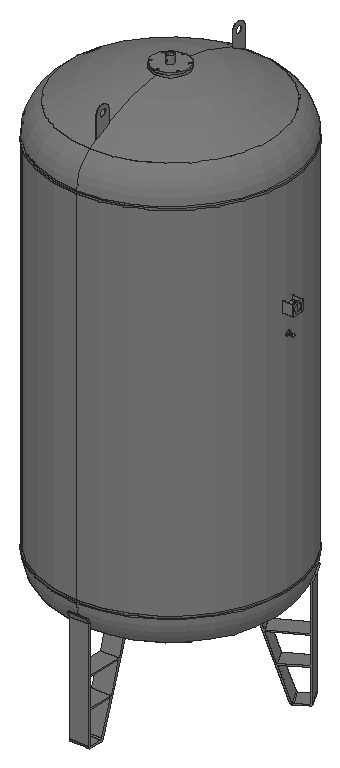
Revit family "MIT-6000-ET (Vertical)", category Specialty Equipment, Revit 2022
Family settings
  Round Connector Dimension = Use Diameter
  Part Type = Normal
  Work Plane-Based = No
  Always vertical = Yes
  Cut with Voids When Loaded = No
  Maintain Annotation Orientation = No
  Shared = No
  Room Calculation Point = No
Parameters
  URL = "https://en.ekinendustriyel.com/expansion-tanks"
  Test Pressure = 15.0 bar
  Production Standard = "TS EN 13831"
  Precharge Pressure = 4.0 bar
  Operating Pressure = 10.0 bar
  Model = "MIT-6000-ET_(Vertical)"
  Manufacturer = "Ekin Endüstriyel"
  Keynote = "Expension Tank"
  Description = "MIT-Expension Tank"
  Default Elevation = 0 mm
Reference planes
  plane 1 "Center (Front/Back)": y = 0
  plane 2: z = 0
  plane 3 "Center (Left/Right)": x = 0
Forms (mm)
  Revolve 1, solid, material "Ekin Endustriyel-S235JR", detail levels medium+fine
    sketch origin (0, -5374.015, 98.319) x (0, 1, 0) y (0, 0, 1)
      loop
        line (6174.038, 780.034) -> (6174.038, 790.402)
        arc (6174.038, 790.402) -> (6177.652, 796.035) -> (6174.038, 801.667) r 6.196
        line (6174.038, 801.667) -> (6174.038, 3287.032)
        arc (6174.038, 3287.032) -> (6177.692, 3292.667) -> (6174.015, 3298.288) r 6.153
        line (6174.015, 3298.288) -> (6174.015, 3308.155)
        arc (6174.015, 3308.155) -> (6144.737, 3424.297) -> (6063.901, 3512.681) r 245
        arc (6063.901, 3512.681) -> (5791.22, 3648.928) -> (5494.015, 3716.66) r 1276.835
        line (5494.015, 3716.66) -> (5494.015, 3731.728) -> (5374.015, 3731.728) -> (5374.015, 3716.66) -> (5431.412, 3716.66)
        arc (5431.412, 3716.66) -> (5760.087, 3654.356) -> (6061.148, 3508.507) r 1271.835
        arc (6061.148, 3508.507) -> (6140.335, 3421.927) -> (6169.015, 3308.155) r 240
        line (6169.015, 3308.155) -> (6169.038, 780.034)
        arc (6169.038, 780.034) -> (6142.08, 670.748) -> (6067.392, 586.536) r 235
        arc (6067.392, 586.536) -> (5795.449, 445.874) -> (5497.013, 377.505) r 1217.469
        line (5497.013, 377.505) -> (5539.978, 377.505)
        arc (5539.978, 377.505) -> (5817.18, 448.711) -> (6070.229, 582.419) r 1222.469
        arc (6070.229, 582.419) -> (6146.507, 668.423) -> (6174.038, 780.034) r 240
      axis (5374.015, 377.505) -> (5374.015, 3731.728)
    angle from 0 to 360
  Extrusion 2, solid, material "Ekin Endustriyel-S235JR", detail levels coarse
    sketch origin (11621.66, -11048.976, 122.286) x (0, 1, 0) y (-1, 0, 0)
      loop
        circle (11048.976, 11621.66) r 800
    from 327.12 to 3707.761
  Extrusion 3, solid, material "Ekin Endustriyel-S235JR", detail levels fine
    sketch origin (2829.671, -4386.055, 624.009) x (0, 1, 0) y (0, 0, 1)
      loop
        line (5017.797, 3024.087) -> (5017.797, 3163.323)
        arc (5017.797, 3163.323) -> (4967.797, 3213.323) -> (4917.797, 3163.323) r 50
        line (4917.797, 3163.323) -> (4917.797, 3075.955)
        arc (4917.797, 3075.955) -> (4968.356, 3051.099) -> (5017.797, 3024.087) r 1306.535
      loop
        circle (4968.092, 3163.192) r 25
      loop
        arc (3754.313, 3024.087) -> (3803.753, 3051.099) -> (3854.313, 3075.955) r 1306.535
        line (3854.313, 3075.955) -> (3854.313, 3163.323)
        arc (3854.313, 3163.323) -> (3804.313, 3213.323) -> (3754.313, 3163.323) r 50
        line (3754.313, 3163.323) -> (3754.313, 3024.087)
      loop
        circle (3804.018, 3163.192) r 25
    from -2832.171 to -2827.171
  Extrusion 4, solid, material "Ekin Endustriyel-S235JR", detail levels medium+fine
    sketch origin (2.097, -50.747, 0) x (-0.866025, 0.5, 0) y (0, 0, 1)
      loop
        line (807.19, 765) -> (824.095, 801.252) -> (816.844, 804.633) -> (797.19, 762.485) -> (797.19, 444) -> (544.885, 444) -> (506.663, 555.004)
        arc (506.663, 555.004) -> (503.62, 558.444) -> (499.036, 558.724) r 6
        line (499.036, 558.724) -> (466.889, 547.655) -> (469.493, 540.091) -> (492.186, 547.904)
        arc (492.186, 547.904) -> (496.769, 547.624) -> (499.812, 544.185) r 6
        line (499.812, 544.185) -> (683.707, 10.116)
        arc (683.707, 10.116) -> (689.179, 2.788) -> (697.889, 0) r 15
        line (697.889, 0) -> (792.19, 0)
        arc (792.19, 0) -> (802.796, 4.393) -> (807.19, 15) r 15
        line (807.19, 15) -> (807.19, 765)
      loop
        arc (788.19, 6) -> (794.554, 8.636) -> (797.19, 15) r 9
        line (797.19, 15) -> (797.19, 238) -> (615.816, 238) -> (693.61, 12.07)
        arc (693.61, 12.07) -> (696.893, 7.673) -> (702.12, 6) r 9
        line (702.12, 6) -> (788.19, 6)
      loop
        line (546.951, 438) -> (613.75, 244) -> (797.19, 244) -> (797.19, 438) -> (546.951, 438)
    from -22.1 to 107.9
  Extrusion 5, solid, material "Ekin Endustriyel-S235JR", detail levels medium+fine
    sketch origin (2.097, -50.747, 0) x (0, -1, 0) y (0, 0, 1)
      loop
        line (746.158, 801.252) -> (738.907, 804.633) -> (719.253, 762.485) -> (719.253, 444) -> (466.948, 444) -> (428.726, 555.004)
        arc (428.726, 555.004) -> (425.683, 558.444) -> (421.099, 558.724) r 6
        line (421.099, 558.724) -> (388.952, 547.655) -> (391.556, 540.091) -> (414.249, 547.904)
        arc (414.249, 547.904) -> (418.832, 547.624) -> (421.875, 544.185) r 6
        line (421.875, 544.185) -> (605.77, 10.116)
        arc (605.77, 10.116) -> (611.242, 2.788) -> (619.952, 0) r 15
        line (619.952, 0) -> (714.253, 0)
        arc (714.253, 0) -> (724.86, 4.393) -> (729.253, 15) r 15
        line (729.253, 15) -> (729.253, 765) -> (746.158, 801.252)
      loop
        arc (714.253, 10) -> (717.788, 11.464) -> (719.253, 15) r 5
        line (719.253, 15) -> (719.253, 238) -> (537.879, 238) -> (614.296, 16.07)
        arc (614.296, 16.07) -> (617.579, 11.673) -> (622.806, 10) r 9
        line (622.806, 10) -> (714.253, 10)
      loop
        line (469.014, 438) -> (535.813, 244) -> (719.253, 244) -> (719.253, 438) -> (469.014, 438)
    from -62.903 to 67.097
  Extrusion 6, solid, material "Ekin Endustriyel-S235JR", detail levels medium+fine
    sketch origin (2.097, -50.747, 0) x (0.866025, 0.5, 0) y (0, 0, 1)
      loop
        line (820.462, 801.252) -> (813.211, 804.633) -> (793.557, 762.485) -> (793.557, 444) -> (541.252, 444) -> (503.03, 555.004)
        arc (503.03, 555.004) -> (499.987, 558.444) -> (495.403, 558.724) r 6
        line (495.403, 558.724) -> (463.256, 547.655) -> (465.86, 540.091) -> (488.553, 547.904)
        arc (488.553, 547.904) -> (493.136, 547.624) -> (496.179, 544.185) r 6
        line (496.179, 544.185) -> (680.074, 10.116)
        arc (680.074, 10.116) -> (685.546, 2.788) -> (694.257, 0) r 15
        line (694.257, 0) -> (788.557, 0)
        arc (788.557, 0) -> (799.164, 4.393) -> (803.557, 15) r 15
        line (803.557, 15) -> (803.557, 765) -> (820.462, 801.252)
      loop
        arc (784.557, 6) -> (790.921, 8.636) -> (793.557, 15) r 9
        line (793.557, 15) -> (793.557, 238) -> (612.183, 238) -> (689.977, 12.07)
        arc (689.977, 12.07) -> (693.261, 7.673) -> (698.487, 6) r 9
        line (698.487, 6) -> (784.557, 6)
      loop
        line (610.117, 244) -> (793.557, 244) -> (793.557, 438) -> (543.318, 438) -> (610.117, 244)
    from -109.997 to 20.003
  Extrusion 7, solid, material "Ekin Endustriyel-S235JR", detail levels coarse
    sketch origin (2.097, -50.747, 0) x (-0.866025, 0.5, 0) y (0, 0, 1)
      loop
        line (807.19, 449.406) -> (532.447, 449.406) -> (683.707, 10.116)
        arc (683.707, 10.116) -> (689.179, 2.788) -> (697.889, 0) r 15
        line (697.889, 0) -> (792.19, 0)
        arc (792.19, 0) -> (802.796, 4.393) -> (807.19, 15) r 15
        line (807.19, 15) -> (807.19, 449.406)
    from -22.1 to 107.9
  Extrusion 8, solid, material "Ekin Endustriyel-S235JR", detail levels coarse
    sketch origin (2.097, -50.747, 0) x (0, -1, 0) y (0, 0, 1)
      loop
        line (729.253, 449.406) -> (454.51, 449.406) -> (605.77, 10.116)
        arc (605.77, 10.116) -> (611.242, 2.788) -> (619.952, 0) r 15
        line (619.952, 0) -> (714.253, 0)
        arc (714.253, 0) -> (724.86, 4.393) -> (729.253, 15) r 15
        line (729.253, 15) -> (729.253, 449.406)
    from -62.903 to 67.097
  Extrusion 9, solid, material "Ekin Endustriyel-S235JR", detail levels coarse
    sketch origin (2.097, -50.747, 0) x (0.866025, 0.5, 0) y (0, 0, 1)
      loop
        line (803.557, 449.406) -> (528.814, 449.406) -> (680.074, 10.116)
        arc (680.074, 10.116) -> (685.546, 2.788) -> (694.257, 0) r 15
        line (694.257, 0) -> (788.557, 0)
        arc (788.557, 0) -> (799.164, 4.393) -> (803.557, 15) r 15
        line (803.557, 15) -> (803.557, 449.406)
    from -109.997 to 20.003
  Extrusion 10, solid, material "Ekin Endustriyel-S235JR", detail levels coarse
    sketch origin (572.198, -0.358, 1837.686) x (1, 0, 0) y (0, 1, 0)
      loop
        line (226.508, -39.142) -> (298.922, -39.142) -> (298.922, 39.858) -> (226.683, 39.858)
        arc (226.683, 39.858) -> (229.034, 19.99) -> (229.819, 0) r 254.819
        arc (229.819, 0) -> (228.99, -19.641) -> (226.508, -39.142) r 233
    from 767.5 to 842.5
  Extrusion 11, solid, material "Ekin Endustriyel-S235JR", detail levels medium+fine
    sketch origin (572.198, -0.358, 1837.686) x (1, 0, 0) y (0, 1, 0)
      loop
        line (296.322, 39.858) -> (226.683, 39.858)
        arc (226.683, 39.858) -> (226.839, 38.858) -> (226.992, 37.858) r 254.819
        line (226.992, 37.858) -> (296.322, 37.858)
        arc (296.322, 37.858) -> (296.747, 37.682) -> (296.922, 37.258) r 0.6
        line (296.922, 37.258) -> (296.922, -36.542)
        arc (296.922, -36.542) -> (296.747, -36.967) -> (296.322, -37.142) r 0.6
        line (296.322, -37.142) -> (227.098, -37.142)
        arc (227.098, -37.142) -> (226.949, -38.143) -> (226.795, -39.142) r 254.819
        line (226.795, -39.142) -> (296.322, -39.142)
        arc (296.322, -39.142) -> (298.161, -38.381) -> (298.922, -36.542) r 2.6
        line (298.922, -36.542) -> (298.922, 37.258)
        arc (298.922, 37.258) -> (298.161, 39.096) -> (296.322, 39.858) r 2.6
    from 767.5 to 842.5
  Extrusion 12, void
    sketch origin (871.121, -36.9, 1837.686) x (0, 1, 0) y (0, 0, 1)
      loop
        circle (36.9, 805) r 32.5
    from -2 to 0
  Revolve 13, solid, material "Ekin Endustriyel-S235JR", detail levels fine
    sketch origin (572.198, -0.358, 1837.686) x (1, 0, 0) y (0, 0, 1)
      loop
        line (230, 811.5) -> (230, 805) -> (288.499, 805) -> (288.499, 837.415) -> (283.499, 837.415) -> (283.499, 835.016) -> (279.483, 835.016)
        arc (279.483, 835.016) -> (278.774, 834.723) -> (278.48, 834.013) r 1.003
        line (278.48, 834.013) -> (253.48, 834.013) -> (253.48, 815.002) -> (252.5, 815.002)
        arc (252.5, 815.002) -> (252.139, 814.657) -> (252, 814.178) r 0.964
        line (252, 814.178) -> (252, 812.305) -> (245, 812.305) -> (245, 811.5) -> (230, 811.5)
      axis (230, 805) -> (288.499, 805)
    angle from 0 to 360
  Revolve 14, solid, material "Ekin Endustriyel-S235JR", detail levels fine
    sketch origin (570.039, -0.358, 1660.176) x (1, 0, 0) y (0, 0, 1)
      loop
        line (229.96, 805) -> (275.561, 805)
        arc (275.561, 805) -> (274.758, 808.458) -> (272.513, 811.208) r 7.847
        line (272.513, 811.208) -> (261.504, 811.208) -> (261.504, 812.005) -> (260.479, 812.005) -> (260.479, 810.108) -> (259.639, 809.269) -> (258.962, 809.946) -> (258.285, 809.269) -> (257.608, 809.946) -> (256.931, 809.269) -> (256.254, 809.946) -> (255.577, 809.269) -> (254.899, 809.946) -> (254.222, 809.269) -> (253.545, 809.946) -> (252.868, 809.269) -> (252.191, 809.946) -> (251.514, 809.269) -> (250.837, 809.946) -> (250.16, 809.269) -> (249.483, 809.946) -> (248.806, 809.269) -> (248.128, 809.946) -> (247.451, 809.269) -> (246.774, 809.946) -> (246.097, 809.269) -> (245.42, 809.946) -> (244.743, 809.269) -> (244.066, 809.946) -> (243.389, 809.269) -> (242.712, 809.946) -> (242.035, 809.269) -> (241.357, 809.946) -> (240.68, 809.269) -> (240.003, 809.946) -> (239.326, 809.269) -> (238.649, 809.946) -> (237.972, 809.269) -> (237.295, 809.946) -> (236.618, 809.269) -> (235.941, 809.946) -> (235.264, 809.269) -> (234.586, 809.946) -> (233.909, 809.269) -> (233.232, 809.946) -> (232.555, 809.269) -> (232.001, 809.823) -> (232.001, 814.435) -> (232.001, 819.99) -> (229.96, 819.99) -> (229.96, 805)
      axis (229.96, 805) -> (275.561, 805)
    angle from 0 to 360
  Extrusion 15, solid, material "Ekin Endustriyel-S235JR", detail levels fine
    sketch origin (570.039, -0.358, 1741.972) x (0, 1, 0) y (0, 0, 1)
      loop
        line (0.348, 732.628) -> (-7.805, 727.921) -> (-7.805, 718.507) -> (0.348, 713.8) -> (8.5, 718.507) -> (8.5, 727.921) -> (0.348, 732.628)
    from 232.001 to 240.003
  Extrusion 16, solid, material "Ekin Endustriyel-S235JR", detail levels coarse
    sketch origin (-663.114, -426.277, 471.94) x (1, 0, 0) y (0, 1, 0)
      loop
        circle (663.114, 426.277) r 190
    from -23.5 to -13.542
  Revolve 17, solid, material "Ekin Endustriyel-S235JR", detail levels fine
    sketch origin (1884.269, 0.217, 407.462) x (1, 0, 0) y (0, 0, 1)
      loop
        line (-1931.767, -28.022) -> (-1929.767, -30.022) -> (-1928.293, -30.022) -> (-1928.851, -29.464) -> (-1926.941, -27.744) -> (-1928.827, -25.986) -> (-1926.941, -24.228) -> (-1928.851, -22.508) -> (-1926.941, -20.788) -> (-1928.827, -19.029) -> (-1926.941, -17.271) -> (-1928.851, -15.551) -> (-1926.941, -13.831) -> (-1928.827, -12.073) -> (-1926.941, -10.315) -> (-1928.851, -8.595) -> (-1926.941, -6.875) -> (-1928.827, -5.117) -> (-1926.941, -3.358) -> (-1928.851, -1.638) -> (-1926.941, 0.082) -> (-1928.827, 1.84) -> (-1926.941, 3.598) -> (-1928.851, 5.318) -> (-1926.941, 7.038) -> (-1928.827, 8.796) -> (-1926.941, 10.554) -> (-1928.851, 12.274) -> (-1926.941, 13.994) -> (-1928.827, 15.753) -> (-1926.941, 17.511) -> (-1928.851, 19.231) -> (-1926.941, 20.951) -> (-1928.827, 22.709) -> (-1926.941, 24.467) -> (-1928.851, 26.187) -> (-1926.941, 27.907) -> (-1928.827, 29.665) -> (-1926.941, 31.424) -> (-1928.851, 33.144) -> (-1926.941, 34.864) -> (-1928.827, 36.622) -> (-1926.941, 38.38) -> (-1929.827, 40.978) -> (-1931.767, 40.978) -> (-1931.767, -28.022)
      axis (-1884.269, 40.978) -> (-1884.269, -30.022)
    angle from 0 to 360
  Extrusion 18, solid, material "Ekin Endustriyel-S235JR", detail levels fine
    sketch origin (-672.202, -409.557, 478.09) x (1, 0, 0) y (0, 1, 0)
      loop
        circle (672.202, 587.206) r 7
      loop
        circle (672.202, 231.907) r 7
      loop
        circle (849.852, 409.557) r 7
      loop
        circle (494.553, 409.557) r 7
      loop
        circle (797.82, 535.174) r 7
      loop
        circle (546.585, 283.94) r 7
      loop
        circle (797.82, 283.94) r 7
      loop
        circle (546.585, 535.174) r 7
    from 0.262 to -29.241
  Extrusion 19, solid, material "Ekin Endustriyel-S235JR", detail levels medium
    sketch origin (1329.894, -1405.14, 377.537) x (0, 1, 0) y (1, 0, 0)
      loop
        circle (1405.357, -1329.894) r 47.497
      loop
        circle (1405.14, -1329.894) r 44.644
    from 0.097 to -70.903
  Extrusion 20, solid, material "Ekin Endustriyel-S235JR", detail levels coarse
    sketch origin (1330.207, -1405.14, 377.537) x (0, 1, 0) y (1, 0, 0)
      loop
        arc (1357.86, -1330.207) -> (1381.225, -1371.117) -> (1428.333, -1371.777) r 47.497
        arc (1428.333, -1371.777) -> (1429.489, -1289.296) -> (1357.86, -1330.207) r 47.497
    from -70.903 to 0.097
  Extrusion 21, solid, material "Ekin Endustriyel-S235JR", detail levels medium+fine
    sketch origin (-663.114, -1231.277, 512.984) x (0, 1, 0) y (1, 0, 0)
      loop
        circle (1231.277, 663.114) r 190
      loop
        circle (1408.926, 663.114) r 7
      loop
        circle (1053.627, 663.114) r 7
      loop
        circle (1231.277, 840.763) r 7
      loop
        circle (1231.277, 485.464) r 7
      loop
        circle (1356.894, 788.731) r 7
      loop
        circle (1105.66, 537.497) r 7
      loop
        circle (1105.66, 788.731) r 7
      loop
        circle (1356.894, 537.497) r 7
    from 46.54 to 41.54
  Extrusion 22, solid, material "Ekin Endustriyel-S235JR", detail levels medium+fine
    sketch origin (3869.838, -4745.781, 3845.819) x (0, 1, 0) y (-1, 0, 0)
      loop
        circle (4745.781, 3869.838) r 24.15
      loop
        circle (4745.781, 3869.838) r 19.75
    from -2.819 to 45.181
  Extrusion 23, solid, material "Ekin Endustriyel-S235JR", detail levels coarse
    sketch origin (3869.838, -4745.781, 3845.819) x (0, 1, 0) y (-1, 0, 0)
      loop
        line (4730.56, 3886.032) -> (4723.995, 3865.027) -> (4738.903, 3848.838) -> (4760.377, 3853.655) -> (4766.943, 3874.661) -> (4752.034, 3890.849) -> (4730.56, 3886.032)
    from -2.819 to 23
  Extrusion 24, solid, material "Ekin Endustriyel-S235JR", detail levels medium+fine
    sketch origin (3869.838, -4745.781, 3845.819) x (0, 1, 0) y (-1, 0, 0)
      loop
        circle (4745.781, 3869.838) r 120
      loop
        circle (4799.781, 3963.369) r 7
      loop
        circle (4853.781, 3869.838) r 7
      loop
        circle (4799.781, 3776.307) r 7
      loop
        circle (4691.781, 3776.307) r 7
      loop
        circle (4637.781, 3869.838) r 7
      loop
        circle (4691.781, 3963.369) r 7
      loop
        circle (4745.781, 3869.838) r 24.15
    from -2.819 to -12.819
  Extrusion 25, solid, material "Ekin Endustriyel-S235JR", detail levels coarse
    sketch origin (-663.114, -426.277, 483) x (1, 0, 0) y (0, 1, 0)
      loop
        circle (663.114, 426.277) r 190
    from -16.556 to -11.556
  Extrusion 26, solid, material "Ekin Endustriyel-S235JR", detail levels medium+fine
    sketch origin (-663.114, -1231.277, 453.076) x (0, 1, 0) y (1, 0, 0)
      loop
        circle (1231.277, 663.114) r 190
      loop
        circle (1408.926, 663.114) r 7
      loop
        circle (1053.627, 663.114) r 7
      loop
        circle (1231.277, 840.763) r 7
      loop
        circle (1231.277, 485.464) r 7
      loop
        circle (1356.894, 788.731) r 7
      loop
        circle (1105.66, 537.497) r 7
      loop
        circle (1105.66, 788.731) r 7
      loop
        circle (1356.894, 537.497) r 7
    from -12.864 to -22.749
  Extrusion 27, solid, material "Ekin Endustriyel-S235JR", detail levels fine
    sketch origin (-456.831, -583.175, 515.582) x (-0.339703, 0.940533, 0) y (0.940533, 0.339703, 0)
      loop
        line (457.082, 474.836) -> (443.211, 470.842) -> (439.734, 456.833) -> (450.128, 446.817) -> (463.999, 450.81) -> (467.476, 464.82) -> (457.082, 474.836)
      loop
        line (344.637, 786.161) -> (346.232, 800.507) -> (334.605, 809.062) -> (321.384, 803.269) -> (319.789, 788.923) -> (331.416, 780.369) -> (344.637, 786.161)
      loop
        line (240.373, 563.996) -> (236.379, 577.867) -> (222.37, 581.345) -> (212.354, 570.951) -> (216.347, 557.08) -> (230.356, 553.602) -> (240.373, 563.996)
      loop
        line (551.698, 676.441) -> (566.044, 674.847) -> (574.598, 686.474) -> (568.806, 699.695) -> (554.46, 701.29) -> (545.906, 689.663) -> (551.698, 676.441)
      loop
        line (240.071, 690.817) -> (247.056, 703.449) -> (239.608, 715.814) -> (225.176, 715.547) -> (218.191, 702.915) -> (225.639, 690.55) -> (240.071, 690.817)
      loop
        line (539.722, 550.187) -> (548.739, 538.915) -> (563.009, 541.088) -> (568.262, 554.533) -> (559.245, 565.805) -> (544.975, 563.632) -> (539.722, 550.187)
      loop
        line (330.262, 474.534) -> (317.63, 481.519) -> (305.265, 474.071) -> (305.532, 459.639) -> (318.164, 452.654) -> (330.529, 460.102) -> (330.262, 474.534)
      loop
        line (470.891, 774.185) -> (482.163, 783.202) -> (479.991, 797.472) -> (466.546, 802.725) -> (455.274, 793.708) -> (457.447, 779.438) -> (470.891, 774.185)
    from 67.142 to 77.184
Cuts and joins
  Extrusion 12 cuts Extrusion 11
Dimensions and locks
  aligned and locked: level to plane 2
Connectors
  piping at (0, 0.217, 377.44), diameter 25.4
    settings: on Extrusion 19, index 3, connector inside diameter 609.6 mm, connector length 0 mm, flow factor 0, pipe flow 0.0 L/s, pressure drop 0.0 Pa, fitting loss kfactor 0, connector angle 0.00°, fixture units 0, engagement length 0 mm, angle of deflection 0.00°, flow configuration 0, flow direction 0, fitting loss method 0, system type 7, joint type 0, gender type 0, connector reference index -1, connector utility 0, adjustable connector no, is connector primary yes, connector description ""
